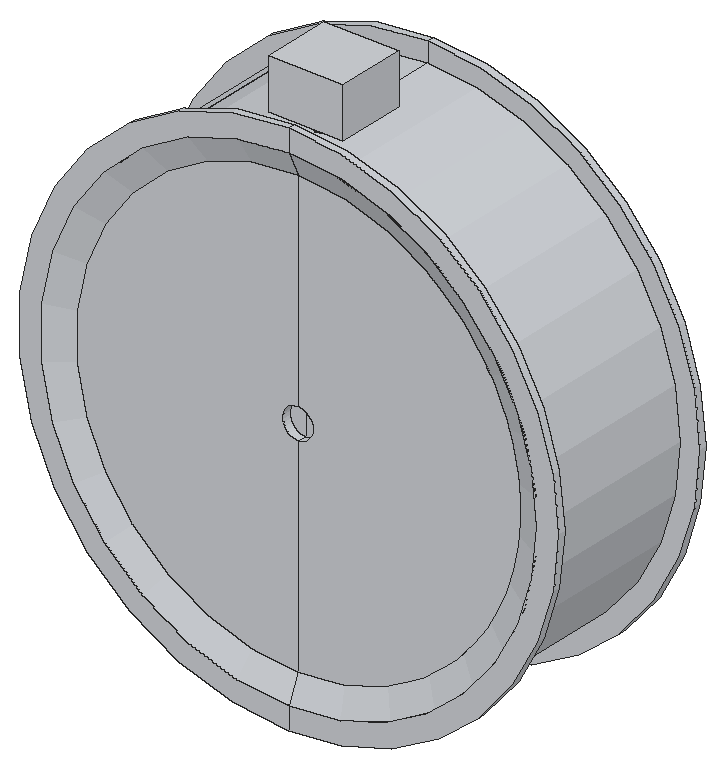
Revit family "17.2  Канальный осевой вентилятор FE Тип С", category Оборудование, Revit 2016
Family settings
  Тип детали = Нормальный
  Размер круглого соединителя = Использовать диаметр
  На основе рабочей плоскости = Нет
  Всегда вертикально = Да
  При загрузке вырезать с полостями = Нет
  Общий = Нет
  Точка расчета площади = Нет
Parameters (values of type "FE071-ADF")
  х = Д * 0.15  # 106.65 mm
  Частотный преобразователь [instance] = no
  Частота вращения n, об/мин = "680"
  Тип, марка, обозначение = "FE071-ADF.6F.V7"
  Теплопроизводительность, кВт = ""
  Сила тока J, А = "0.94"
  Регулятор расхода [instance] = no
  Раздел = "ОВ"
  Примечание = ""
  Позиция = ""
  Напряжение U,В = ""
  Наименование и тех.хар-ка = " Канальный осевой вентилятор"  # constant formula
  Мощность, кВт = 0.42 W
  Материал = Сталь серая
  Масса единицы = "31 кг"
  Размер В = 11.5 mm
  Код, оборудования = ""
  Ключевая пометка = "Вентиляция"
  И2 = 65 mm
  И1 = 130 mm
  И = 72 mm  # constant formula
  Задание электрикам [instance] = no
  Задание автоматчикам [instance] = no
  Завод изготовитель = "KORF"  # constant formula
  Ж = 260 mm
  Единица измерения = "шт."  # constant formula
  Д3 = Д * 0.11  # 78.21 mm
  Д2 = Д * 0.15  # 106.65 mm
  Д1 = Д / 2  # 355.5 mm
  Д = 711 mm
  Г1 = Г / 2  # 392.5 mm
  Б = 16 mm
  А! = А / 2  # 375.5 mm
  А = 751 mm
  Г = 785 mm
Types (3, lengths in mm): name | х | Частота вращения n, об/мин | Тип, марка, обозначение | Сила тока J, А | Мощность, кВт | Масса единицы | Ж | Д3 | Д2 | Д1 | Д | Г1 | Б | А! | А | Г
  FE071-SDF | 106.65 | "900" | "FE071-SDF.6F.V7" | "1.75" | 0.98 W | "31 кг" | 260 | 78.21 | 106.65 | 355.5 | 711 | 392.5 | 16 | 375.5 | 751 | 785
  FE071-ADF | 106.65 | "680" | "FE071-ADF.6F.V7" | "0.94" | 0.42 W | "31 кг" | 260 | 78.21 | 106.65 | 355.5 | 711 | 392.5 | 16 | 375.5 | 751 | 785
  FE080-SDF | 119.55 | "880" | "FE080-SDF.6N.V7" | "1" | 2 W | "46 кг" | 280 | 87.67 | 119.55 | 398.5 | 797 | 435.5 | 24 | 418.5 | 837 | 871
Reference planes
  plane 1 "По центру (Вперед/Назад)": y = 0
  plane 2: z = 0
  plane 3 "По центру (Влево/Вправо)": x = 0
  plane 4: y = 260
  plane 5: y = 6
  plane 6: y = 250
  plane 7: y = 247
  plane 8: z = 392.5
  plane 9: z = 355.5
  plane 10: z = 360.5
  plane 11: z = 47.092
  plane 12: y = 260
  plane 13: z = 375.5
  plane 14: x = -53.325
  plane 15: x = 53.325
  plane 16: y = 30
  plane 17: y = 130
  plane 18: z = 447.5
  plane 19: y = 65
  plane 20: z = 355.5
Forms (mm)
  Extrusion 1, void, not visible
    sketch origin (-345, -245, 50) x (0, -1, 0) y (0, 0, -1)
      loop
        line (-477.965, -475) -> (-477.965, -450) -> (-528.913, -450) -> (-528.913, -475) -> (-477.965, -475)
    from -47.452 to 12
  Revolve 2, solid, detail levels fine
    sketch origin (0, 0, 0) x (0, 1, 0) y (0, 0, 1)
      loop
        line (0, 387.05) -> (0, 355.5) -> (16.905, 319.248) -> (16.905, 22.248) -> (30, 22.248) -> (30, 0) -> (247, 0) -> (247, 42.092) -> (242, 47.092) -> (221.5, 47.092) -> (221.5, 339.757) -> (40.426, 339.757) -> (40.426, 27.49) -> (30, 27.49) -> (30, 355.5) -> (260, 355.5) -> (260, 389.19) -> (250, 389.19) -> (250, 360.5) -> (10, 360.5) -> (10, 387.05) -> (0, 387.05)
      axis (260, 0) -> (0, 0)
    angle from 0 to 360
  Extrusion 3, solid, detail levels fine
    sketch origin (0, 0, 0) x (1, 0, 0) y (0, 0, 1)
      loop
        line (-53.325, 447.5) -> (-53.325, 375.5) -> (53.325, 375.5) -> (53.325, 447.5) -> (-53.325, 447.5)
    from -30 to -130
  Extrusion 4, solid, detail levels fine
    sketch origin (0, 0, 0) x (1, 0, 0) y (0, 1, 0)
      loop
        circle (0, 65) r 15
    from 355.5 to 375.5
Cuts and joins
  joined: Revolve 2, Extrusion 4
Lines and regions (mm)
  model lines, detail levels coarse
    curve 1: line (-389.19, 260, 0) -> (387.05, 260, 0)
    curve 2: line (-389.19, 0, 0) -> (-389.19, 260, 0)
    curve 3: line (387.05, 0, 0) -> (-389.19, 0, 0)
    curve 4: line (387.05, 260, 0) -> (387.05, 0, 0)
    curve 5: line (0, -50, 0) -> (-205.061, -255.061, 0)
    curve 6: line (-205.061, -255.061, 0) -> (0, -255.061, 0)
    curve 7: line (0, -50, 0) -> (205.061, -255.061, 0)
    curve 8: line (205.061, -255.061, 0) -> (0, -255.061, 0)
  model lines, not visible, detail levels coarse
    curve 9: line (0, -50, 0) -> (-205.061, -255.061, 0)
    curve 10: line (-205.061, -255.061, 0) -> (0, -255.061, 0)
    curve 11: line (0, -50, 0) -> (205.061, -255.061, 0)
    curve 12: line (205.061, -255.061, 0) -> (0, -255.061, 0)
  model lines, detail levels medium
    curve 13: line (0, 260, 389.19) -> (0, 0, 389.19)
    curve 14: line (0, 260, -387.05) -> (0, 260, 389.19)
    curve 15: line (0, 0, -387.05) -> (0, 260, -387.05)
    curve 16: line (0, 0, 389.19) -> (0, 0, -387.05)
    curve 17: line (0, -50, 0) -> (0, -233.697, 211.319)
    curve 18: line (0, -233.697, 211.319) -> (0, -233.697, 0)
    curve 19: line (0, -50, 0) -> (0, -233.697, -211.319)
    curve 20: line (0, -233.697, -211.319) -> (0, -233.697, 0)
  model lines, not visible, detail levels medium
    curve 21: line (0, -50, 0) -> (0, -233.697, 211.319)
    curve 22: line (0, -233.697, 211.319) -> (0, -233.697, 0)
    curve 23: line (0, -50, 0) -> (0, -233.697, -211.319)
    curve 24: line (0, -233.697, -211.319) -> (0, -233.697, 0)
Dimensions and locks
  "Ж": plane 1 "По центру (Вперед/Назад)" to plane 4
  locked: plane 10 to plane 9 at 5
  "Г1": plane 8 to level
  "Д1": plane 9 to level
  plane 11 to level = 47.092 mm
  locked: plane 1 "По центру (Вперед/Назад)" to Revolve 2 sketch curve at 10
  locked: plane 6 to plane 4 at 10
  "А!": plane 13 to level
  equal spacing: plane 15, plane 3 "По центру (Влево/Вправо)", plane 14
  "х": plane 15 to plane 14
  plane 1 "По центру (Вперед/Назад)" to plane 16 = 30 mm
  "И1": plane 1 "По центру (Вперед/Назад)" to plane 17
  "И": plane 18 to plane 13
  "И2": plane 1 "По центру (Вперед/Назад)" to plane 19
  locked: plane 13 to plane 20 at 20
  aligned and locked: level to plane 2
  aligned and locked: Revolve 2 to plane 12
  aligned and locked: Revolve 2 sketch curve to plane 4
  aligned and locked: plane 6 to Revolve 2 sketch curve
  aligned and locked: Extrusion 3 to plane 13
  aligned and locked: Extrusion 3 to plane 14
  aligned and locked: plane 15 to Extrusion 3
  aligned and locked: Extrusion 3 to plane 16
  aligned and locked: plane 17 to Extrusion 3
  aligned and locked: plane 18 to Extrusion 3
  aligned and locked: plane 13 to Extrusion 4
  aligned and locked: Extrusion 4 to plane 20
  aligned and locked: Revolve 2 sketch curve to plane 16
  aligned and locked: curve 1 to cut or joined group of Revolve 2, Extrusion 4
  aligned and locked: curve 3 to cut or joined group of Revolve 2, Extrusion 4
  aligned and locked: curve 14 to cut or joined group of Revolve 2, Extrusion 4
  aligned and locked: curve 16 to cut or joined group of Revolve 2, Extrusion 4
Automatic sketch dimensions
  Extrusion 4 sketch curve to plane 3 "По центру (Влево/Вправо)" = 0 mm
  Extrusion 4 sketch curve to plane 19 = 0 mm
  plane 13 to curve 14 = 13.69 mm
  curve 3 to plane 14 = 335.865 mm
  plane 15 to curve 3 = 333.725 mm
  Revolve 2 sketch curve to level = 0 mm  (x2)
  Revolve 2 sketch curve to plane 1 "По центру (Вперед/Назад)" = 0 mm
  Revolve 2 sketch curve to plane 16 = 0 mm
  plane 11 to Revolve 2 sketch curve = 0 mm
  Revolve 2 sketch curve to plane 7 = 0 mm
  plane 9 to Revolve 2 sketch curve = 0 mm
  Revolve 2 sketch curve to plane 9 = 0 mm
  plane 10 to Revolve 2 sketch curve = 0 mm
  Revolve 2 sketch curve to plane 5 = 10.905 mm
  Revolve 2 sketch curve to Revolve 2 sketch curve = 10.426 mm
  plane 7 to Revolve 2 sketch curve = 25.5 mm
  plane 7 to Revolve 2 sketch curve = 5 mm
  level to Revolve 2 sketch curve = 22.248 mm
  Revolve 2 sketch curve to Revolve 2 sketch curve = 5.242 mm
  Revolve 2 sketch curve to plane 11 = 5 mm
  Revolve 2 sketch curve to plane 9 = 36.252 mm
  Revolve 2 sketch curve to plane 9 = 15.743 mm
  Revolve 2 sketch curve to plane 8 = 5.45 mm
  Revolve 2 sketch curve to plane 8 = 3.31 mm
  plane 1 "По центру (Вперед/Назад)" to Revolve 2 sketch curve = 44.875 mm
  plane 6 to Revolve 2 sketch curve = 1.376 mm
  Extrusion 3 sketch curve to plane 13 = 0 mm
  Extrusion 3 sketch curve to plane 14 = 0 mm
  Extrusion 3 sketch curve to plane 15 = 0 mm
  Extrusion 3 sketch curve to plane 18 = 0 mm
  curve 16 to level = 387.05 mm
  radius of Extrusion 4 sketch curve = 15 mm
Nested families
  nested 1: "крепление 15мм" at (-330, 229.965, 495), type "крепление 15мм", not visible
Connectors
  hvac at (0, 260, 0), driven by "Д"
    settings: on cut or joined group of Revolve 2, Extrusion 4, index 1, duct flow 0.0 L/s, flow factor 0, pres drop 0.0 Pa, loss coef 0, conn angle 0.00°, conn width 304.8 mm, conn height 304.8 mm, conn diameter 711 mm, duct sys type 28, conn prof type 0, flow config 0, flow direction 0, loss method 0, conn ref index -1, conn util no, is conn primary yes, conn desc ""
Definition of nested family "крепление 15мм"
  Parameters (values of type "крепление 15мм")
    Материал крепления = none
  Reference planes
    plane 1 "По центру (Вперед/Назад)": y = 0
    plane 2: z = 0
    plane 3 "По центру (Влево/Вправо)": x = 0
  Forms (mm)
    Extrusion 1, solid, material <- "Материал крепления"
      sketch origin (0, 0, 0) x (1, 0, 0) y (0, 1, 0)
        loop
          line (-25, 0) -> (0, 0) -> (0, 18.31) -> (0, 25) -> (-3, 25) -> (-3, 3) -> (-25, 3) -> (-25, 0)
      from 0 to 30
    Extrusion 2, void
      sketch origin (0, 0, 0) x (1, 0, 0) y (0, 1, 0)
        loop
          line (-3, 3) -> (-3, 54.96) -> (-58, 54.96) -> (-58, 3) -> (-3, 3)
      from 0 to 15
  Cuts and joins
    Extrusion 2 cuts Extrusion 1
  Dimensions and locks
    Extrusion 1 sketch curve to Extrusion 1 sketch curve = 3 mm  (x2)
    Extrusion 1 sketch curve to Extrusion 1 sketch curve to plane 3 "По центру (Влево/Вправо)" = 25 mm, 0 mm
    Extrusion 1 sketch curve to Extrusion 1 sketch curve = 25 mm
    aligned and locked: level to plane 2
